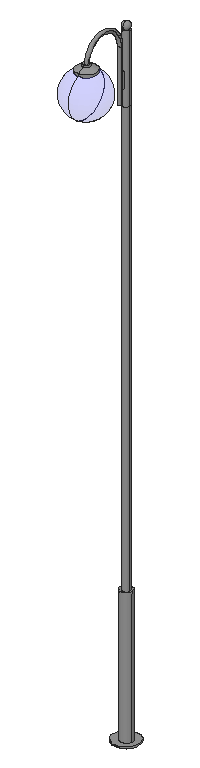
Revit family "Стальной фонарный столб Т-05-1 со светильником Арт 6977", category Антураж, Revit 2018
Family settings
  На основе рабочей плоскости = Нет
  Всегда вертикально = Да
  При загрузке вырезать с полостями = Нет
  Источник визуального образа = Геометрия семейства
  Общий = Нет
  Точка расчета площади = Нет
Parameters (values of type "Версия 5,76 м")
  Ширина = 400 mm  # constant formula
  Цвет каркаса = Сталь
  Описание = if([Версия 3,26 м], "Стальной фонарный столб Т-05-1 со светильником. Модель 3,26 м", if([Версия 3,76 м], "Стальной фонарный столб Т-05-1 со светильником. Модель 3,76 м", if([Версия 4,26 м], "Стальной фонарный столб Т-05-1 со светильником. Модель 4,26 м", if([Версия 4,76 м], "Стальной фонарный столб Т-05-1 со светильником. Модель 4,76 м", if([Версия 5,26 м], "Стальной фонарный столб Т-05-1 со светильником. Модель 5,26 м", "Стальной фонарный столб Т-05-1 со светильником. Модель 5,76 м")))))  # "Стальной фонарный столб Т-05-1 со светильником. Модель 5,76 м"
  Материал изделия = "Сталь"  # constant formula
  Изображение типоразмера = Стальной фонарный столб Т-05-1 со светильником Арт 6977.jpg
  Изготовитель = "ООО «Хоббика»"  # constant formula
  Длина = 756 mm  # constant formula
  Группа модели = "Светильники со стальными опорами"  # constant formula
  Высота столба = Высота - 700 mm  # 5060 mm
  Высота = if([Версия 3,26 м], 3260 mm, if([Версия 3,76 м], 3760 mm, if([Версия 4,26 м], 4260 mm, if([Версия 4,76 м], 4760 mm, if([Версия 5,26 м], 5260 mm, 5760 mm)))))  # 5760 mm
  Версия 5,26 м = no
  Версия 4,76 м = no
  Версия 4,26 м = no
  Версия 3,76 м = no
  Версия 3,26 м = no
  Артикул товара = "Арт. 6977"  # constant formula
  URL = "https://hobbyka.ru/product/stalnoy_fonarnyy_stolb_t051_so_svetilnikom/"
Types (7, lengths in mm): name | Описание | Высота столба | Высота | Версия 5,26 м | Версия 4,76 м | Версия 4,26 м | Версия 3,76 м | Версия 3,26 м
  (no name) | "Стальной фонарный столб Т-05-1 со светильником. Модель 5,76 м" | 5060 | 5760 | no | no | no | no | no
  Версия 3,26 м | "Стальной фонарный столб Т-05-1 со светильником. Модель 3,26 м" | 2560 | 3260 | no | no | no | no | yes
  Версия 3,76 м | "Стальной фонарный столб Т-05-1 со светильником. Модель 3,76 м" | 3060 | 3760 | no | no | no | yes | no
  Версия 4,26 м | "Стальной фонарный столб Т-05-1 со светильником. Модель 4,26 м" | 3560 | 4260 | no | no | yes | no | no
  Версия 4,76 м | "Стальной фонарный столб Т-05-1 со светильником. Модель 4,76 м" | 4060 | 4760 | no | yes | no | no | no
  Версия 5,26 м | "Стальной фонарный столб Т-05-1 со светильником. Модель 5,26 м" | 4560 | 5260 | yes | no | no | no | no
  Версия 5,76 м | "Стальной фонарный столб Т-05-1 со светильником. Модель 5,76 м" | 5060 | 5760 | no | no | no | no | no
Reference planes
  plane 1 "По центру (Вперед/Назад)": y = 0
  plane 2: z = 0
  plane 3 "По центру (Влево/Вправо)": x = 0
  plane 4: x = 400
  plane 5: y = -756
  plane 6: z = 5760
Forms (mm)
  Extrusion 1, solid, material "Сталь" <- "Цвет каркаса"
    sketch origin (0, 0, 0) x (1, 0, 0) y (0, 1, 0)
      loop
        circle (200, -115.675) r 30
    from 1200 to 5060 <- "Высота столба"
  Extrusion 2, solid, material "Сталь" <- "Цвет каркаса"
    sketch origin (0, 0, 0) x (1, 0, 0) y (0, 1, 0)
      loop
        circle (200, -115.675) r 54
    from 0 to 1200
  Extrusion 3, solid, material "Сталь" <- "Цвет каркаса"
    sketch origin (0, 0, 0) x (1, 0, 0) y (0, 1, 0)
      loop
        circle (200, -115.675) r 116
    from 0 to 10
Dimensions and locks
  "Ширина": plane 3 "По центру (Влево/Вправо)" to plane 4
  "Длина": plane 5 to plane 1 "По центру (Вперед/Назад)"
  "Высота": plane 6 to level
  aligned and locked: level to plane 2
  aligned and locked: nested 1 to plane 6
Automatic sketch dimensions
  Extrusion 1 sketch curve to Extrusion 1 sketch curve = 0 mm  (x2)
  plane 3 "По центру (Влево/Вправо)" to Extrusion 1 sketch curve = 200 mm
  plane 1 "По центру (Вперед/Назад)" to Extrusion 1 sketch curve = 115.675 mm
  Extrusion 1 sketch curve to Extrusion 1 sketch curve = 30 mm
  Extrusion 2 sketch curve to Extrusion 2 sketch curve = 0 mm  (x2)
  plane 3 "По центру (Влево/Вправо)" to Extrusion 2 sketch curve = 200 mm
  plane 1 "По центру (Вперед/Назад)" to Extrusion 2 sketch curve = 115.675 mm
  Extrusion 2 sketch curve to Extrusion 2 sketch curve = 54 mm
  plane 3 "По центру (Влево/Вправо)" to Extrusion 3 sketch curve = 200 mm
  Extrusion 3 sketch curve to Extrusion 3 sketch curve = 116 mm
  Extrusion 3 sketch curve to Extrusion 3 sketch curve = 0 mm
  plane 1 "По центру (Вперед/Назад)" to Extrusion 3 sketch curve = 115.675 mm
Nested families
  nested 1: "Стальной фонарный столб Т-05-1 со светильником Арт 6977 светильник" at (200, -61.675, 5060), type "Стальной фонарный столб Т-05-1 со светильником Арт 6977 светильник"
Definition of nested family "Стальной фонарный столб Т-05-1 со светильником Арт 6977 светильник"
  Parameters (values of type "Стальной фонарный столб Т-05-1 со светильником Арт 6977 светильник")
    Цвет каркаса = none
    Height = 0 mm
  Reference planes
    plane 1 "По центру (Вперед/Назад)": y = 0
    plane 2: z = 0
    plane 3 "По центру (Влево/Вправо)": x = 0
    plane 4: z = 700
  Forms (mm)
    Sweep 1, solid, material <- "Цвет каркаса"
      path origin (0, 0, 0) x (0, 1, 0) y (0, 0, 1)
        loop
          line (-110.461, 35) -> (-110.461, 500)
          arc (-110.461, 500) -> (-310.461, 700) -> (-510.461, 500) r 200
      profile origin (0, -110.461, 267.5) x (0, -1, 0) y (1, 0, 0)
        loop
          circle (15, 0) r 15
    Revolve 2, solid
      sketch origin (0, 0, 0) x (0, 1, 0) y (0, 0, 1)
        loop
          line (-495.461, 77.532) -> (-495.461, 456.98) -> (-583.77, 456.98)
          arc (-583.77, 456.98) -> (-690.255, 232.197) -> (-495.461, 77.532) r 200
        axis (-495.461, 456.98) -> (-495.461, 77.532)
      angle from 0 to 360
    Revolve 3, solid, material <- "Цвет каркаса"
      sketch origin (0, 0, 0) x (0, 1, 0) y (0, 0, 1)
        loop
          line (-495.461, 517.532) -> (-525.461, 517.532) -> (-525.461, 507.532) -> (-583.77, 476.98) -> (-583.77, 456.98) -> (-495.461, 456.98) -> (-495.461, 517.532)
        axis (-495.461, 517.532) -> (-495.461, 456.98)
      angle from 0 to 360
    Extrusion 4, solid, material <- "Цвет каркаса"
      sketch origin (0, -18.679, 0) x (1, 0, 0) y (0, 1, 0)
        loop
          circle (0, -35.321) r 30
      from 0 to 600
    Extrusion 5, solid, material <- "Цвет каркаса"
      sketch origin (0, 0, 0) x (1, 0, 0) y (0, 1, 0)
        loop
          line (-2.5, -60.461) -> (-2.5, -125.461) -> (2.5, -125.461) -> (2.5, -60.461) -> (-2.5, -60.461)
      from 137.254 to 276.271
    Revolve 6, solid, material <- "Цвет каркаса"
      sketch origin (0, 0, -15) x (0, 1, 0) y (0, 0, 1)
        loop
          arc (-54, 680) -> (-86.5, 647.5) -> (-54, 615) r 32.5
          line (-54, 615) -> (-54, 680)
        axis (-54, 615) -> (-54, 680)
      angle from 0 to 360
  Cuts and joins
    joined: Sweep 1, Extrusion 4, Extrusion 5
  Dimensions and locks
    plane 4 to level = 700 mm
    aligned and locked: level to plane 2
